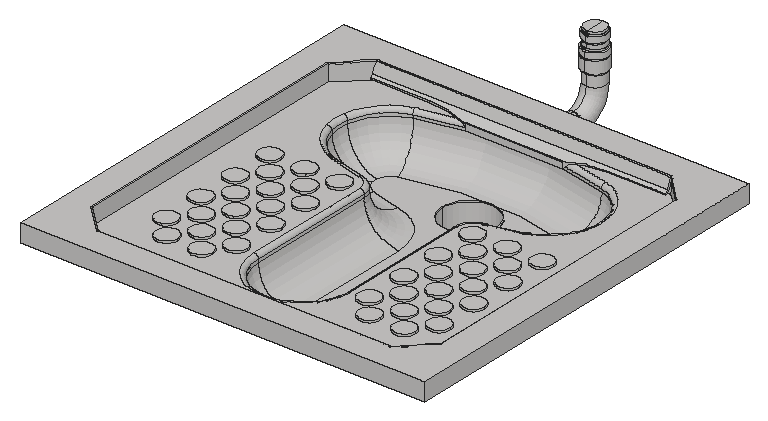
Revit family "PRD_FrankeWS_WCSqttngPns_CAMPUSSquatPan_HDTX504", category Plumbing Fixtures, host Face, Revit 2018
Family settings
  Host = Face
  Round Connector Dimension = Use Diameter
  Part Type = Normal
  OmniClass Number = 23.45.05.21.11.21
  OmniClass Title = Urinals
  Cut with Voids When Loaded = Yes
  Shared = Yes
  Room Calculation Point = No
Parameters (values of type "HDTX504")
  WarrantyStartDate [instance] = "1900-12-31T23:59:59"
  WarrantyGuarantorParts = "n/a"
  WarrantyGuarantorLabor = "n/a"
  WarrantyDurationUnit = "year"
  WarrantyDurationParts = "n/a"
  WarrantyDurationLabor = "n/a"
  WarrantyDescription = "n/a"
  Version = "1"
  UrinalType = "Stall"
  Uniclass2015Version = "Products v1.23"
  Uniclass2015Title = "WC squatting pans"
  Uniclass2015Code = "Pr_40_20_93_96"
  URL = "www.kwc.com"
  TypeOfWC = "Squat-pan"
  TypeOfToiletSeat = "No seat"
  TypeOfMounting = "Inset floor mounting"
  TailorMade = "No"
  SpilloverLevel = 0.00 mm
  OutletSize = "DN 100"
  Mounting = "Pedestal"
  MaterialThickness = "1.00 mm"
  MaterialCode = "1.4301 Chrome Nickel steel V2A"
  IntakeSize = 28.00 mm
  GeneralMaterial = PRD_AR_StainlessSteel_SatinFinished
  TagNumber [instance] = "n/a"
  SustainabilityPerformance = "n/a"
  Size = "755 x 200 x 755 mm (W x H x D)"
  Shape = "n/a"
  SerialNumber [instance] = "n/a"
  Revision = "n/a"
  ReplacementCost = "n/a"
  ProductInformation = "https://pim.kwc.com/product/2000108804/attachment/datasheet?locale=en"
  NominalWidth = 755.00 mm
  NominalHeight = 200.00 mm
  NominalDepth = 755.00 mm
  NetWeight = 14.50 kg
  Name = "CAMPUS Squat pan HDTX504"
  NBSTypeID = "n/a"
  NBSReference = "n/a"
  NBSOfficeMasterTag = "n/a"
  NBSNote = "n/a"
  NBSDescription = "n/a"
  NBSCertification = "n/a"
  ModelReference = "HDTX504"
  ModelNumber = "2000108804"
  Model = ModelReference  # "HDTX504"
  Material = "Stainless steel"
  ManufacturerURL = "www.kwc.com"
  ManufacturerName = "KWC Group AG"  # constant formula
  Manufacturer = ManufacturerName  # "KWC Group AG"
  IntegralAccessories = "fixing material and height adjustment included"
  InstallationDate [instance] = "1900-12-31T23:59:59"
  IfcExportType = "URINAL"
  IfcExportAs = "IfcSanitaryTerminalType"
  GrossWeight = 16.00 kg
  Grade = "n/a"
  Finish = "Satin finished"
  Features = "stainless steel, surface satin finished, material thickness 1 mm, 9 liter flushing capacity"
  ExpectedLife = "n/a"
  DurationUnit = "year"
  DiameterNominal = 100.00 mm
  Description = "Squat pan made of stainless steel, suitable for DN 20 in-wall flush valves, surface satin finished, material thickness 1 mm, 9 liter flushing capacity, with circular folded edge (22 mm), circular flushing rim, suicide-resistant. Vertical connection from behind with screw connection of 28 mm diameter, internal DN 100 waste outlet, fixing material and height adjustment included."
  Default Elevation = 1100.00 mm
  CreatedOn = "05/2022"  # constant formula
  Constituents = "n/a"
  Color = "n/a"
  CodePerformance = "n/a"
  Category = "Pr_40_20_93_96, WC squatting pans"
  BarCode [instance] = "n/a"
  BIMObjectName = "PRD_AR_WCSquattingPans_CAMPUSSquatPan_HDTX504"
  Author = "Archispace"  # constant formula
  AssetType = "Fixed"
  AssetIdentifier [instance] = "n/a"
  AccessibilityPerformance = "n/a"
Reference planes
  plane 1 "Center (Front/Back)": y = 0
  plane 2: z = 0
  plane 3 "Center (Left/Right)": x = 0
  plane 4: y = 179.025
  plane 5: y = -197.475
Forms (mm)
  Extrusion 1, void
    sketch origin (0, 0, 0) x (1, 0, 0) y (0, 1, 0)
      loop
        line (-376.5, 179.025) -> (-376.5, -573.975) -> (376.5, -573.975) -> (376.5, 179.025) -> (-376.5, 179.025)
    from -111.5 to 0
  Sweep 2, void
    path origin (0, 0, 0) x (0, 1, 0) y (0, 0, 1)
      loop
        line (0, -111.5) -> (0, -196)
    profile origin (0, 0, -153.75) x (1, 0, 0) y (0, 1, 0)
      loop
        circle (0, 0) r 51.5
  Revolve 3, void
    sketch origin (0, 0, 0) x (0, 1, 0) y (0, 0, 1)
      loop
        line (178.005, -61) -> (178.005, -85) -> (243.005, -85) -> (243.005, -61) -> (178.005, -61)
      axis (243.005, -61) -> (178.005, -61)
    angle from 0 to 360
  Sweep 4, void
    path origin (0, 0, 0) x (0, 1, 0) y (0, 0, 1)
      loop
        arc (243.005, -61) -> (278.36, -46.355) -> (293.005, -11) r 50
    profile origin (0, 278.36, -46.355) x (0, -0.707107, 0.707107) y (1, 0, 0)
      loop
        circle (0, 0) r 24
  Revolve 5, void
    sketch origin (0, 0, 0) x (0, 1, 0) y (0, 0, 1)
      loop
        line (317.005, -11) -> (317.005, 80) -> (293.005, 80) -> (293.005, -11) -> (317.005, -11)
      axis (293.005, -11) -> (293.005, 80)
    angle from 0 to 360
  Extrusion 6, void
    sketch origin (0, 0, 0) x (1, 0, 0) y (0, 1, 0)
      loop
        circle (0, 293.003) r 24
    from 0 to 80
  Extrusion 7, void
    sketch origin (0, 0, 0) x (1, 0, 0) y (0, 1, 0)
      loop
        line (-25, 320) -> (-25, 179.025) -> (25, 179.025) -> (25, 320) -> (-25, 320)
    from -86 to -11
  Extrusion 8, void
    sketch origin (0, 0, 0) x (1, 0, 0) y (0, 1, 0)
      loop
        circle (0, 293.003) r 24
    from -11 to 0
  Extrusion 9, void
    sketch origin (0, 0, 0) x (1, 0, 0) y (0, 1, 0)
      loop
        line (-376.5, 179.025) -> (-376.5, -573.975) -> (376.5, -573.975) -> (376.5, 179.025) -> (-376.5, 179.025)
    from -111.5 to 0
  Sweep 10, void
    path origin (0, 0, 0) x (0, 1, 0) y (0, 0, 1)
      loop
        line (0, -111.5) -> (0, -196)
    profile origin (0, 0, -153.75) x (1, 0, 0) y (0, 1, 0)
      loop
        circle (0, 0) r 51.5
Lines and regions (mm)
  symbolic lines, style "PlumbingFixtures", detail levels fine
    curve 1: line (0, 23.519, 0) -> (0, -23.519, 0)
Dimensions and locks
  aligned and locked: plane 2 to host face
  aligned and locked: level to host face
Nested families
  nested 1: "Pan" at (0, 0, 0), type "Pan"
Connectors
  piping at (0, 0, -196), diameter 100, driven by "DiameterNominal", driven by "OutletSize"
    settings: on nested 1, index 1, connector inside diameter 609.60 mm, connector length 0.00 mm, flow factor 0, pipe flow 0.0 L/s, pressure drop 0.0 Pa, fitting loss kfactor 0, connector angle 0.00°, fixture units 0, engagement length 0.00 mm, angle of deflection 0.00°, flow configuration 1, flow direction 2, fitting loss method 0, system type 16, joint type 0, gender type 0, connector reference index -1, connector utility 0, adjustable connector no, is connector primary yes, connector description "DN 100"
  piping at (0, 293.003, 80), diameter 28, driven by "IntakeSize"
    settings: on nested 1, index 2, connector inside diameter 609.60 mm, connector length 0.00 mm, flow factor 0, pipe flow 0.0 L/s, pressure drop 0.0 Pa, fitting loss kfactor 0, connector angle 0.00°, fixture units 0, engagement length 0.00 mm, angle of deflection 0.00°, flow configuration 2, flow direction 1, fitting loss method 0, system type 7, joint type 0, gender type 0, connector reference index -1, connector utility 0, adjustable connector no, is connector primary no, connector description ""
Definition of nested family "Pan"
  Parameters (values of type "Pan")
    Spreader = yes
    PanMaterial = none
    Default Elevation = 1219.20 mm
  Reference planes
    plane 1 "Center (Front/Back)": y = 0
    plane 2: z = 0
    plane 3 "Center (Left/Right)": x = 0
  Forms (mm)
    Extrusion 1, solid, material <- "PanMaterial", detail levels fine
      sketch origin (0, 0, 0) x (1, 0, 0) y (0, 1, 0)
        loop
          line (-376.5, 179.025) -> (-376.5, -573.975) -> (376.5, -573.975) -> (376.5, 179.025) -> (-376.5, 179.025)
      from -33.5 to 0
    Extrusion 2, void
      sketch origin (0, 0, 0) x (1, 0, 0) y (0, 1, 0)
        loop
          line (-274.621, 128.025) -> (-326, 76.646) -> (-326, -472.096) -> (-275.121, -522.975) -> (275.121, -522.975) -> (326, -472.096) -> (326, 76.646) -> (274.621, 128.025) -> (-274.621, 128.025)
      from -32 to 0
    Sweep 3, solid, material <- "PanMaterial", detail levels fine
      path origin (0, 0, 0) x (1, 0, 0) y (0, 1, 0)
        loop
          line (-274.621, 128.025) -> (-326, 76.646) -> (-326, -472.096) -> (-275.121, -522.975) -> (275.121, -522.975) -> (326, -472.096) -> (326, 76.646) -> (274.621, 128.025)
      profile origin (-300.311, 102.336, 0) x (0.707107, -0.707107, 0) y (0, 0, 1)
        loop
          line (1.5, -32) -> (1.5, -1.5)
          arc (1.5, -1.5) -> (1.061, -0.439) -> (0, 0) r 1.5
          line (0, 0) -> (0, -32) -> (1.5, -32)
    Extrusion 4, solid, material <- "PanMaterial", detail levels fine
      sketch origin (0, 0, 0) x (0, 1, 0) y (0, 0, 1)
        loop
          line (126.326, -1.316) -> (119.613, -19.76) -> (106.001, -31.181)
          arc (106.001, -31.181) -> (105.555, -31.713) -> (105.317, -32.366) r 2
          line (105.317, -32.366) -> (103.439, -43.017) -> (105.409, -43.364) -> (107.287, -32.713) -> (121.121, -21.105) -> (128.205, -1.38) -> (128.205, 0)
          arc (128.205, 0) -> (127.058, -0.362) -> (126.326, -1.316) r 2
      from -274.998 to 274.998
    Extrusion 5, void
      sketch origin (0, 0, 0) x (1, 0, 0) y (0, 1, 0)
        loop
          line (-285.253, 114.443) -> (-285.253, 94.443) -> (285.253, 94.443) -> (285.253, 114.443) -> (165.253, 114.443)
          arc (165.253, 114.443) -> (127.659, 112.169) -> (90.613, 105.378) r 311.798
          arc (90.613, 105.378) -> (0, 103.582) -> (-90.613, 105.378) r 2286.842
          arc (-90.613, 105.378) -> (-127.658, 112.169) -> (-165.253, 114.443) r 311.798
          line (-165.253, 114.443) -> (-285.253, 114.443)
      from -45.196 to -13.5
    Sweep 6, solid, material <- "PanMaterial", detail levels fine
      path origin (0, 0, 0) x (1, 0, 0) y (0, 1, 0)
        loop
          arc (-177.979, 96.944) -> (-223.931, 66.618) -> (-247.359, 16.794) r 101.75
          arc (-247.359, 16.794) -> (-248.67, -4.015) -> (-245.712, -24.654) r 101.75
          arc (-245.712, -24.654) -> (-221.227, -69.57) -> (-177.979, -96.894) r 101.75
          arc (-177.979, -96.894) -> (-146.109, -106.096) -> (-113.769, -113.48) r 586.212
          arc (-113.769, -113.48) -> (-97.584, -123.178) -> (-91.227, -140.943) r 28
          line (-91.227, -140.943) -> (-91.227, -387.293)
          arc (-91.227, -387.293) -> (0, -478.52) -> (91.227, -387.293) r 91.227
          line (91.227, -387.293) -> (91.227, -140.943)
          arc (91.227, -140.943) -> (97.584, -123.178) -> (113.769, -113.48) r 28
          arc (113.769, -113.48) -> (146.109, -106.096) -> (177.979, -96.894) r 586.212
          arc (177.979, -96.894) -> (221.227, -69.57) -> (245.712, -24.654) r 101.75
          arc (245.712, -24.654) -> (248.67, -4.015) -> (247.359, 16.794) r 101.75
          arc (247.359, 16.794) -> (223.931, 66.618) -> (177.979, 96.944) r 101.75
          arc (177.979, 96.944) -> (0, 124.697) -> (-177.979, 96.944) r 584.57
      profile origin (0, 124.697, 0) x (0, 1, 0) y (0, 0, 1)
        loop
          line (-8, -40) -> (-8, -45.403)
          arc (-8, -45.403) -> (-26.92, -91.08) -> (-72.597, -110) r 64.597
          line (-72.597, -110) -> (-72.597, -111.5)
          arc (-72.597, -111.5) -> (-25.859, -92.141) -> (-6.5, -45.403) r 66.097
          line (-6.5, -45.403) -> (-6.5, -40)
          arc (-6.5, -40) -> (-4.596, -35.404) -> (0, -33.5) r 6.5
          line (0, -33.5) -> (0, -32)
          arc (0, -32) -> (-5.657, -34.343) -> (-8, -40) r 8
    Extrusion 7, void
      sketch origin (0, 0, 0) x (1, 0, 0) y (0, 1, 0)
        loop
          arc (-177.979, 96.944) -> (-223.931, 66.618) -> (-247.359, 16.794) r 101.75
          arc (-247.359, 16.794) -> (-248.67, -4.015) -> (-245.712, -24.654) r 101.75
          arc (-245.712, -24.654) -> (-221.227, -69.57) -> (-177.979, -96.894) r 101.75
          arc (-177.979, -96.894) -> (-146.109, -106.096) -> (-113.769, -113.48) r 586.212
          arc (-113.769, -113.48) -> (-97.584, -123.178) -> (-91.227, -140.943) r 28
          line (-91.227, -140.943) -> (-91.227, -387.293)
          arc (-91.227, -387.293) -> (0, -478.52) -> (91.227, -387.293) r 91.227
          line (91.227, -387.293) -> (91.227, -140.943)
          arc (91.227, -140.943) -> (97.584, -123.178) -> (113.769, -113.48) r 28
          arc (113.769, -113.48) -> (146.109, -106.096) -> (177.979, -96.894) r 586.212
          arc (177.979, -96.894) -> (221.227, -69.57) -> (245.712, -24.654) r 101.75
          arc (245.712, -24.654) -> (248.67, -4.015) -> (247.359, 16.794) r 101.75
          arc (247.359, 16.794) -> (223.931, 66.618) -> (177.979, 96.944) r 101.75
          arc (177.979, 96.944) -> (0, 124.697) -> (-177.979, 96.944) r 584.57
      from -110 to -32
    Extrusion 8, solid, material <- "PanMaterial", detail levels fine
      sketch origin (0, 0, 0) x (1, 0, 0) y (0, 1, 0)
        loop
          arc (-155.876, 27.794) -> (-169.041, 19.106) -> (-175.754, 4.834) r 29.153
          arc (-175.754, 4.834) -> (-176.13, -1.13) -> (-175.282, -7.046) r 29.153
          arc (-175.282, -7.046) -> (-168.267, -19.915) -> (-155.876, -27.744) r 29.153
          arc (-155.876, -27.744) -> (-127.952, -35.806) -> (-99.618, -42.276) r 513.614
          arc (-99.618, -42.276) -> (-41.469, -77.118) -> (-18.63, -140.943) r 100.597
          line (-18.63, -140.943) -> (-18.63, -387.293)
          arc (-18.63, -387.293) -> (0, -405.923) -> (18.63, -387.293) r 18.63
          line (18.63, -387.293) -> (18.63, -140.943)
          arc (18.63, -140.943) -> (41.469, -77.118) -> (99.618, -42.276) r 100.597
          arc (99.618, -42.276) -> (127.952, -35.806) -> (155.876, -27.744) r 513.614
          arc (155.876, -27.744) -> (168.267, -19.915) -> (175.282, -7.046) r 29.153
          arc (175.282, -7.046) -> (176.13, -1.133) -> (175.754, 4.829) r 29.153
          arc (175.754, 4.829) -> (169.042, 19.105) -> (155.876, 27.794) r 29.153
          arc (155.876, 27.794) -> (0, 52.1) -> (-155.876, 27.794) r 511.973
      from -111.5 to -110
    Extrusion 9, solid, material <- "PanMaterial", detail levels fine
      sketch origin (0, 0, 0) x (1, 0, 0) y (0, 1, 0)
        loop
          circle (-253.807, -146.899) r 20
        loop
          circle (-188.807, -146.899) r 20
        loop
          circle (-123.807, -146.899) r 20
        loop
          circle (-221.215, -187.147) r 20
        loop
          circle (-156.215, -187.147) r 20
        loop
          circle (-253.807, -226.899) r 20
        loop
          circle (-188.807, -226.899) r 20
        loop
          circle (-123.807, -226.899) r 20
        loop
          circle (-221.215, -267.147) r 20
        loop
          circle (-156.215, -267.147) r 20
        loop
          circle (-253.807, -306.899) r 20
        loop
          circle (-188.807, -306.899) r 20
        loop
          circle (-123.807, -306.899) r 20
        loop
          circle (-221.215, -347.147) r 20
        loop
          circle (-156.215, -347.147) r 20
        loop
          circle (-253.807, -386.899) r 20
        loop
          circle (-188.807, -386.899) r 20
        loop
          circle (-123.807, -386.899) r 20
        loop
          circle (-221.215, -427.147) r 20
        loop
          circle (-156.215, -427.147) r 20
        loop
          circle (253.807, -146.899) r 20
        loop
          circle (188.807, -146.899) r 20
        loop
          circle (123.807, -146.899) r 20
        loop
          circle (221.215, -187.147) r 20
        loop
          circle (156.215, -187.147) r 20
        loop
          circle (253.807, -226.899) r 20
        loop
          circle (188.807, -226.899) r 20
        loop
          circle (123.807, -226.899) r 20
        loop
          circle (221.215, -267.147) r 20
        loop
          circle (156.215, -267.147) r 20
        loop
          circle (253.807, -306.899) r 20
        loop
          circle (188.807, -306.899) r 20
        loop
          circle (123.807, -306.899) r 20
        loop
          circle (221.215, -347.147) r 20
        loop
          circle (156.215, -347.147) r 20
        loop
          circle (253.807, -386.899) r 20
        loop
          circle (188.807, -386.899) r 20
        loop
          circle (123.807, -386.899) r 20
        loop
          circle (221.215, -427.147) r 20
        loop
          circle (156.215, -427.147) r 20
      from -32 to -29
    Extrusion 10, solid, material <- "PanMaterial", detail levels fine
      sketch origin (0, 0, 0) x (1, 0, 0) y (0, 1, 0)
        loop
          circle (0, 0) r 50
        loop
          circle (0, 0) r 51.5
      from -196 to -109.986
    Extrusion 11, void
      sketch origin (0, 0, 0) x (1, 0, 0) y (0, 1, 0)
        loop
          circle (0, 0) r 50
      from -196 to -95.476
    Extrusion 12, solid, material <- "PanMaterial", detail levels medium+fine
      sketch origin (0, 0, 0) x (0, 1, 0) y (0, 0, 1)
        loop
          line (158.005, -33.5) -> (158.005, -71) -> (173.005, -86) -> (178.005, -86) -> (178.005, -33.5) -> (158.005, -33.5)
      from -23 to 24
    Revolve 13, solid, material <- "PanMaterial", detail levels fine
      sketch origin (0, 0, 0) x (0, 1, 0) y (0, 0, 1)
        loop
          line (178.005, -61) -> (198.005, -61) -> (198.005, -37.507) -> (178.005, -37.507) -> (178.005, -61)
        axis (178.005, -61) -> (198.005, -61)
      angle from 0 to 360
    Revolve 14, solid, material <- "PanMaterial", detail levels fine
      sketch origin (0, 0, 0) x (0, 1, 0) y (0, 0, 1)
        loop
          line (198.005, -61) -> (198.005, -81.947) -> (211.005, -81.947) -> (211.613, -83) -> (229.845, -83) -> (231.023, -81) -> (243.005, -81) -> (243.005, -61) -> (198.005, -61)
        axis (198.005, -61) -> (243.005, -61)
      angle from 0 to 360
    Revolve 15, solid, material <- "PanMaterial", detail levels fine
      sketch origin (0, 0, 0) x (0, 1, 0) y (0, 0, 1)
        loop
          line (293.003, -11) -> (293.003, 80) -> (274.255, 80) -> (274.255, 77) -> (273.255, 76) -> (273.255, 74) -> (271.09, 74) -> (271.09, 64) -> (276.38, 64) -> (276.38, 59) -> (273.51, 59) -> (273.51, 52) -> (272.005, 52) -> (272.005, 50) -> (276.38, 50) -> (276.38, 48) -> (269.505, 48) -> (269.505, 38) -> (272.05, 38) -> (272.05, 34) -> (270.017, 34) -> (270.017, 12) -> (273.003, 9.015) -> (273.003, -11) -> (293.003, -11)
        axis (293.003, -11) -> (293.003, 80)
      angle from 0 to 360
    Sweep 16, solid, material <- "PanMaterial", detail levels fine
      path origin (0, 0, 0) x (0, 1, 0) y (0, 0, 1)
        loop
          arc (243.005, -61) -> (278.36, -46.355) -> (293.005, -11) r 50
      profile origin (0, 278.36, -46.355) x (0, -0.707107, 0.707107) y (1, 0, 0)
        loop
          circle (0, 0) r 20
    Extrusion 17, solid, material <- "PanMaterial", detail levels medium
      sketch origin (0, 0, 0) x (1, 0, 0) y (0, 1, 0)
        loop
          line (-376.5, 179.025) -> (-376.5, -573.975) -> (376.5, -573.975) -> (376.5, 179.025) -> (-376.5, 179.025)
      from -33.5 to 0
    Revolve 18, solid, detail levels coarse+medium
      sketch origin (0, 0, 0) x (0, 1, 0) y (0, 0, 1)
        loop
          line (178.005, -61) -> (178.005, -85) -> (243.005, -85) -> (243.005, -61) -> (178.005, -61)
        axis (243.005, -61) -> (178.005, -61)
      angle from 0 to 360
    Sweep 19, solid, detail levels coarse+medium
      path origin (0, 0, 0) x (0, 1, 0) y (0, 0, 1)
        loop
          arc (243.005, -61) -> (278.36, -46.355) -> (293.005, -11) r 50
      profile origin (0, 278.36, -46.355) x (0, -0.707107, 0.707107) y (1, 0, 0)
        loop
          circle (0, 0) r 24
    Extrusion 20, solid, material <- "PanMaterial", detail levels coarse+medium
      sketch origin (0, 0, 0) x (1, 0, 0) y (0, 1, 0)
        loop
          circle (0, 0) r 51.5
      from -196 to -111.5
    Extrusion 21, solid, material <- "PanMaterial", detail levels medium
      sketch origin (0, 0, 0) x (1, 0, 0) y (0, 1, 0)
        loop
          arc (-177.979, 96.944) -> (-223.931, 66.618) -> (-247.359, 16.794) r 101.75
          arc (-247.359, 16.794) -> (-248.67, -4.015) -> (-245.712, -24.654) r 101.75
          arc (-245.712, -24.654) -> (-221.227, -69.57) -> (-177.979, -96.894) r 101.75
          arc (-177.979, -96.894) -> (-146.109, -106.096) -> (-113.769, -113.48) r 586.212
          arc (-113.769, -113.48) -> (-97.584, -123.178) -> (-91.227, -140.943) r 28
          line (-91.227, -140.943) -> (-91.227, -387.293)
          arc (-91.227, -387.293) -> (0, -478.52) -> (91.227, -387.293) r 91.227
          line (91.227, -387.293) -> (91.227, -140.943)
          arc (91.227, -140.943) -> (97.584, -123.178) -> (113.769, -113.48) r 28
          arc (113.769, -113.48) -> (146.109, -106.096) -> (177.979, -96.894) r 586.212
          arc (177.979, -96.894) -> (221.227, -69.57) -> (245.712, -24.654) r 101.75
          arc (245.712, -24.654) -> (248.67, -4.015) -> (247.359, 16.794) r 101.75
          arc (247.359, 16.794) -> (223.931, 66.618) -> (177.979, 96.944) r 101.75
          arc (177.979, 96.944) -> (0, 124.697) -> (-177.979, 96.944) r 584.57
      from -111.5 to -32
    Extrusion 22, void
      sketch origin (0, 0, 0) x (1, 0, 0) y (0, 1, 0)
        loop
          arc (-177.522, 95.516) -> (-222.797, 65.636) -> (-245.879, 16.547) r 100.25
          arc (-245.879, 16.547) -> (-247.171, -3.955) -> (-244.257, -24.29) r 100.25
          arc (-244.257, -24.29) -> (-220.132, -68.544) -> (-177.522, -95.466) r 100.25
          arc (-177.522, -95.466) -> (-145.733, -104.644) -> (-113.476, -112.009) r 584.712
          arc (-113.476, -112.009) -> (-96.424, -122.227) -> (-89.727, -140.943) r 29.5
          line (-89.727, -140.943) -> (-89.727, -387.293)
          arc (-89.727, -387.293) -> (0, -477.02) -> (89.727, -387.293) r 89.727
          line (89.727, -387.293) -> (89.727, -140.943)
          arc (89.727, -140.943) -> (96.424, -122.227) -> (113.476, -112.009) r 29.5
          arc (113.476, -112.009) -> (145.733, -104.644) -> (177.522, -95.466) r 584.712
          arc (177.522, -95.466) -> (220.132, -68.544) -> (244.257, -24.29) r 100.25
          arc (244.257, -24.29) -> (247.171, -3.955) -> (245.879, 16.547) r 100.25
          arc (245.879, 16.547) -> (222.797, 65.636) -> (177.522, 95.516) r 100.25
          arc (177.522, 95.516) -> (0, 123.197) -> (-177.522, 95.516) r 583.07
      from -110 to -32
    Extrusion 23, solid, material <- "PanMaterial", detail levels coarse
      sketch origin (0, 0, 0) x (1, 0, 0) y (0, 1, 0)
        loop
          line (-376.5, 179.025) -> (-376.5, -573.975) -> (376.5, -573.975) -> (376.5, 179.025) -> (-376.5, 179.025)
      from -111.5 to 0
    Revolve 24, solid, detail levels coarse+medium
      sketch origin (0, 0, 0) x (0, 1, 0) y (0, 0, 1)
        loop
          line (317.005, -11) -> (317.005, 80) -> (293.005, 80) -> (293.005, -11) -> (317.005, -11)
        axis (293.005, -11) -> (293.005, 80)
      angle from 0 to 360
  Cuts and joins
    Extrusion 2, Extrusion 7 cuts Extrusion 1
    Extrusion 11 cuts Sweep 6
    Extrusion 11 cuts Extrusion 8
    joined: Extrusion 1, Sweep 3, Sweep 6, Extrusion 8, Extrusion 10
    Extrusion 5 cuts Extrusion 4
    Extrusion 2, Extrusion 22 cuts Extrusion 17
    Extrusion 22 cuts Extrusion 21
    joined: Extrusion 17, Extrusion 21
    joined: Revolve 18, Sweep 19, Revolve 24
  Dimensions and locks
    aligned and locked: level to plane 2
